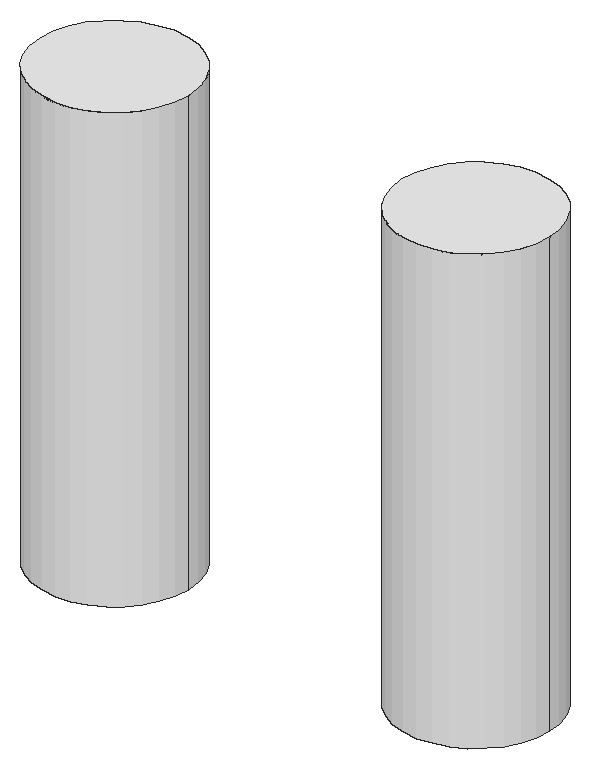
Revit family "64412210", category Plumbing Fixtures, Revit 2016
Family settings
  Part Type = Normal
  Round Connector Dimension = Use Diameter
  OmniClass Number = 23.45.55.00
  OmniClass Title = Sanitary Faucets, Wastes
  Work Plane-Based = No
  Always vertical = Yes
  Cut with Voids When Loaded = No
  Shared = No
  Room Calculation Point = No
Parameters (values of type "64412210 Washbasin faucet, 6 V")
  WorkingPressure = "100 - 1000 kPa"
  WarrantyStartDate [instance] = "n/a"
  WarrantyGuarantorParts = "n/a"
  WarrantyGuarantorLabor = "n/a"
  WarrantyDurationUnit = "Year"
  WarrantyDurationParts = "n/a"
  WarrantyDurationLabor = "n/a"
  WarrantyDescription = "http://warranty.hansa.com"
  VersionDate = "01/01/2019"  # constant formula
  Version = "2"  # constant formula
  ValvePattern = "n/a"
  ValveOperation = "n/a"
  ValveMechanism = "n/a"
  Usage Group = "Offices, personnel sanitary facilities; Toilets for the Disabled; Pharmacies, Opticians, Dentists; Health centers & Child welfare clinics; Hospitals;Food stores;Gas stations; Schools; Households"
  Uniclass2015Reference = "Pr_40_20_87_78"
  Uniclass2015Description = "Shower manual water supply sets"
  Uniclass2 = "Pr_40_30_96_78"
  URL WRAS = "http://static.hansa.com/WRAS/64412210"
  URL STF = "http://static.hansa.com/STF/64412210"
  URL SINTEF = "http://static.hansa.com/Sintef/64412210"
  URL ETA-Danmark = "http://static.hansa.com/ETADanmark/64412210"
  URL CSTB = "http://static.hansa.com/CSTB/64412210"
  URL ACS = "http://static.hansa.com/ACS/64412210"
  URL = ""
  TestPressure = "n/a"
  Temperature = "Temperature fixable; Temperature regulator"
  TagNumber [instance] = "n/a"
  SustainabilityPerformance = "n/a"
  Spout Type = "Fixed spout"
  Spare Parts = "http://static.hansa.com/sp/64412210"
  Size = "65x140x120.5 mm"
  Sintef Certificate = "Sintef Nr. 1534"
  Shape = "Sculptured"
  SerialNumber [instance] = "n/a"
  STF Certificate = "STF VTT-RTH-00031-11"
  Revision = "2"  # constant formula
  ReplacementCost = "n/a"
  Recognition Range = "Optimally preset"
  Protection Class = "IP 55"
  Projection = 96 mm
  ProductInformation = "n/a"
  Product URL = "http://static.hansa.com/64412210"
  Product Image URL = "http://static.hansa.com/image/64412210"
  Product Family = "Hansaelectra"
  Product Datasheet = "http://www.hansa.com/datasheet/64412210/en"
  Product Code = "64412210"
  Pressure Loss With Flow 01ls = 200000.0 Pa
  Pipes = "Flexible inlet pipe(s)"
  Package external Dimensions = "290 x 210 x 90"
  Package Weight = "1.693 kg"
  OperatingMechanismMaterial = "n/a"
  Operating Voltage = 6 V
  NominalWidth = 65 mm
  NominalHeight = 120.5 mm
  NominalDepth = 140 mm
  Noise Class = "I (ISO 3822)"
  Name_en = "64412210 Washbasin faucet, 6 V"
  Name = "64412210 Washbasin faucet, 6 V"
  NBSReference = "45-35-70/315"
  NBSDescription = "Water supply fittings for baths"
  Mounting Holes = "1 mounting hole"
  ModelReference = "64412210"
  ModelNumber = "n/a"
  Model = "64412210 Washbasin faucet, 6 V"
  Mechanical Parts = "Non-return valve(s); Litter filter(s)"
  Max. Hot Water Supply = 70 °C
  Max Flow Period = 120.0 s
  Material = "Brass"
  Market = "AUT;BEL;CZE;DEU;ESP;FRA;INT;ITA;NLD;SVK"
  ManufacturerName = "Hansa"
  Manufacturer = "Hansa"
  ManufacterURL = "http://www.hansa.com/"
  Long Marketing = "Adjustable mixed water temperature (fixed setting possible). Convertible for cold- and premixed-water. Fitting can be deactived for cleaning, with the added cover. Push-pop-up waste 59913988 can be ordered separately."
  Intelligent After Flow Period = "2 s ± 1 s"
  InstallationDate [instance] = "n/a"
  Installation and Maintenance = "http://static.hansa.com/manual/64412210"
  Installation Type = "Deck mounted"
  InletConnectionSize = 10 mm
  IfcExportType = "FAUCET"  # constant formula
  IfcExportAs = "IfcValveType"  # constant formula
  Health Sales Arguments = "Touch-free operation. Maximum comfort, maximum hygiene."
  Group = "Washbasin Faucets"
  Grade = "n/a"
  FlowCoefficient = 0
  Flow Rate At 300kPa With Flow Controller = 0.1 L/s
  Flow Drawing URL = "http://static.hansa.com/flowchart/64412210"
  Finish = "Polished"
  Features = "Battery-operated"
  FaucetMainMaterial = Brass
  FDV Document URL = "http://www.hansa.com/datasheet/64412210/en/fdv"
  Extensions = "No pop-up waste included"
  ExpectedLife = "n/a"
  Electronic Parts = "Autofocus sensor; Solenoid valve; Low battery indication"
  ETA-Danmark = "VA 1.42/18729"
  EN Standard = "EN 15091"
  EMC Directive = "89/336/EEC"
  EAN Number = "4015474273337"
  DurationUnit = "Year"
  Dimension Drawing URL = "http://static.hansa.com/dimdrw/64412210"
  Description = ""
  DefaultElevation [instance] = 900 mm
  DN Size = "DN15"
  Customs Code = "84818011"
  ConvergoRefNr = "0087-1710-0022-DE"
  Constituents = "n/a"
  Connection Size = "G3/8"
  Color = "Chrome"
  CodePerformance = "n/a"
  CloseOffRating = 0
  Class = "Battery-operated, touchless"
  Category = "Bathroom, public, health care"
  Catalog Drawing URL = "http://static.hansa.com/catdrw/64412210"
  Brand = "Hansa"
  BodyMaterial = "Brass"
  Battery = "Lithium 2CR5 6 V"
  Barcode [instance] = "n/a"
  Backflow Prevention EN1717 = "EB"
  BIMObjectName = "64412210"
  Author = "Convergo AB"  # constant formula
  AssetType = "Fixed"
  AssetIdentifier [instance] = "n/a"
  Approval WRAS = "1301013"
  Approval CSTB = "322-M1-17/1"
  Approval ACS = "15 ACC LY 337"
  Aerator = "Pressure controlled aerator; CASCADE"
  Advanced Features = "Vandal-proof construction; Convertible for cold and premixed-water; Without draw-rod opening"
  AccessibilityPerformance = "n/a"
  2D/3D/BIM Files URL = "http://static.hansa.com/bim/64412210"
Reference planes
  plane 1 "Center (Front/Back)": y = 0
  plane 2: z = 0
  plane 3 "Center (Left/Right)": x = 0
  plane 4: x = -27.75
  plane 5: x = 27.75
  plane 6: z = 1020.5
  plane 7: z = 900
  plane 8: z = 870
  plane 9: y = -140
  plane 10: x = 37.25
Forms (mm)
  Extrusion 1, solid, material "Brass" <- "FaucetMainMaterial"
    sketch origin (0, 0, 0) x (1, 0, 0) y (0, 1, 0)
      loop
        circle (-12.25, -27.5) r 5
      loop
        circle (12.25, -27.5) r 5
    from 870 to 900
  Extrusion 2, solid, material "Brass" <- "FaucetMainMaterial", detail levels medium
    sketch origin (0, 0, 0) x (0, 1, 0) y (0, 0, 1)
      loop
        line (0, 900) -> (-10.03, 977.548)
        arc (-10.03, 977.548) -> (-16.238, 993.039) -> (-27.956, 1004.922) r 42.287
        arc (-27.956, 1004.922) -> (-52.254, 1016.518) -> (-78.88, 1020.5) r 91.024
        line (-78.88, 1020.5) -> (-140, 1020.5) -> (-140, 996.089) -> (-84.669, 980.647)
        arc (-84.669, 980.647) -> (-69.824, 971.243) -> (-62.64, 955.205) r 30.472
        line (-62.64, 955.205) -> (-55.5, 900) -> (0, 900)
    from -27.75 to 27.75
  Extrusion 3, solid, material "Brass" <- "FaucetMainMaterial", detail levels medium
    sketch origin (0, 0, 0) x (1, 0, 0) y (0, 0, 1)
      loop
        line (37.25, 932.759) -> (27.75, 932.759) -> (27.75, 910.74) -> (37.25, 910.74) -> (37.25, 932.759)
    from 22.32 to 37.82
  Extrusion 4, solid, material "Brass" <- "FaucetMainMaterial", detail levels coarse
    sketch origin (0, 0, 0) x (1, 0, 0) y (0, 1, 0)
      loop
        line (-27.75, 0) -> (-27.75, -140) -> (37.25, -140) -> (37.25, 0) -> (-27.75, 0)
    from 900 to 1020.5
Lines and regions (mm)
  symbolic lines, detail levels fine
    curve 1: arc (-16.926, -128.653, 0) -> (0, -138.019, 0) -> (16.926, -128.653, 0) r 19.977
    curve 18: line (27.75, -36.32, 0) -> (27.75, -23.82, 0)
    curve 21: arc (27.47, -23.82, 0) -> (26.285, -30.07, 0) -> (27.47, -36.32, 0) r 17.073
    curve 23: line (35.624, -22.32, 0) -> (35.624, -37.82, 0)
    curve 24: line (27.75, -26.726, 0) -> (35.624, -26.726, 0)
    curve 25: line (35.624, -31.726, 0) -> (27.75, -31.726, 0)
    curve 36: line (35.64, 0, 910.74) -> (35.64, 0, 926.749)
    curve 37: line (35.64, 0, 926.749) -> (27.75, 0, 926.749)
    curve 43: line (27.75, 0, 910.74) -> (27.75, 0, 932.759)
    curve 44: circle (0, 0, 917.875) r 3.4 normal (0, -1, 0)
    curve 45: circle (0, 0, 935.58) r 3.4 normal (0, -1, 0)
    curve 46: line (-23.791, 0, 991.729) -> (-19.137, 0, 1002.693)
    curve 47: line (23.791, 0, 991.729) -> (19.137, 0, 1002.693)
    curve 48: arc (-19.137, 0, 1002.693) -> (0, 0, 1015.359) -> (19.137, 0, 1002.693) r 20.79
    curve 49: spline (0, 0, 985.125) -> (2.843, 0, 985.314) -> (5.492, 0, 985.869) -> (7.767, 0, 986.75) -> (9.513, 0, 987.899) -> (10.61, 0, 989.237) -> (10.984, 0, 990.672) -> (10.61, 0, 992.108) -> (9.513, 0, 993.446) -> (7.767, 0, 994.595) -> (5.492, 0, 995.476) -> (2.843, 0, 996.03) -> (0, 0, 996.219) -> (-2.843, 0, 996.03) -> (-5.492, 0, 995.476) -> (-7.767, 0, 994.595) -> (-9.513, 0, 993.446) -> (-10.61, 0, 992.108) -> (-10.984, 0, 990.672) -> (-10.61, 0, 989.237) -> (-9.513, 0, 987.899) -> (-7.767, 0, 986.75) -> (-5.492, 0, 985.869) -> (-2.843, 0, 985.314) -> (0, 0, 985.125)
    curve 50: line (-10.984, 0, 990.672) -> (-10.984, 0, 996.528)
    curve 51: line (10.984, 0, 990.672) -> (10.984, 0, 996.528)
    curve 52: spline (10.984, 0, 991.995) -> (11.987, 0, 993.769) -> (11.681, 0, 995.597) -> (10.099, 0, 997.278) -> (7.415, 0, 998.631) -> (3.922, 0, 999.506) -> (0, 0, 999.809) -> (-3.922, 0, 999.506) -> (-7.415, 0, 998.631) -> (-10.099, 0, 997.278) -> (-11.681, 0, 995.597) -> (-11.987, 0, 993.769) -> (-10.984, 0, 991.995)
    curve 53: spline (12.034, 0, 995.27) -> (11.624, 0, 996.706) -> (10.422, 0, 998.044) -> (8.51, 0, 999.193) -> (6.017, 0, 1000.074) -> (3.115, 0, 1000.628) -> (0, 0, 1000.817) -> (-3.115, 0, 1000.628) -> (-6.017, 0, 1000.074) -> (-8.51, 0, 999.193) -> (-10.422, 0, 998.044) -> (-11.624, 0, 996.706) -> (-12.034, 0, 995.27)
    curve 54: line (-12.034, 0, 995.27) -> (-12.034, 0, 994.262)
    curve 55: line (12.034, 0, 995.27) -> (12.034, 0, 994.262)
    curve 56: arc (-23.791, 0, 991.729) -> (0, 0, 974.637) -> (23.791, 0, 991.729) r 25.104
    curve 71: arc (0, -132.783, 1000.194) -> (0, -121.422, 995.826) -> (0, -111.898, 988.246) r 40.033
    curve 75: line (0, -57.079, 915.019) -> (0, -57.706, 920.986)
    curve 77: line (0, -58.91, 932.445) -> (0, -59.535, 938.39)
  symbolic lines, detail levels medium+fine
    curve 2: arc (-18.761, -123.953, 0) -> (-18.065, -126.389, 0) -> (-16.926, -128.653, 0) r 13.52
    curve 3: arc (-21.194, -108.058, 0) -> (-20.107, -116.026, 0) -> (-18.761, -123.953, 0) r 245.759
    curve 4: arc (-21.694, -99.299, 0) -> (-21.58, -103.687, 0) -> (-21.194, -108.058, 0) r 70.758
    curve 5: arc (-27.029, -39.573, 0) -> (-22.957, -69.311, 0) -> (-21.694, -99.299, 0) r 319.403
    curve 6: arc (-27.75, -27.75, 0) -> (-27.751, -33.684, 0) -> (-27.029, -39.573, 0) r 48.577
    curve 7: arc (18.761, -123.953, 0) -> (18.065, -126.389, 0) -> (16.926, -128.653, 0) r 13.52
    curve 8: arc (21.194, -108.058, 0) -> (20.107, -116.026, 0) -> (18.761, -123.953, 0) r 245.759
    curve 9: arc (21.694, -99.299, 0) -> (21.58, -103.687, 0) -> (21.194, -108.058, 0) r 70.758
    curve 10: arc (27.029, -39.573, 0) -> (22.957, -69.311, 0) -> (21.694, -99.299, 0) r 319.403
    curve 11: spline (-16.926, -128.653, 0) -> (-16.349, -131.59, 0) -> (-14.658, -134.326, 0) -> (-11.968, -136.676, 0) -> (-8.463, -138.48, 0) -> (-4.381, -139.613, 0) -> (0, -140, 0) -> (4.381, -139.613, 0) -> (8.463, -138.48, 0) -> (11.968, -136.676, 0) -> (14.658, -134.326, 0) -> (16.349, -131.59, 0) -> (16.926, -128.653, 0)
    curve 12: line (35.624, -22.32, 0) -> (27.75, -22.32, 0)
    curve 13: line (27.75, -22.32, 0) -> (27.75, -23.82, 0)
    curve 14: line (27.75, -23.82, 0) -> (27.47, -23.82, 0)
    curve 15: line (27.75, -36.32, 0) -> (27.75, -37.82, 0)
    curve 16: line (27.75, -37.82, 0) -> (35.624, -37.82, 0)
    curve 17: spline (35.624, -37.82, 0) -> (36.045, -37.556, 0) -> (36.437, -36.781, 0) -> (36.774, -35.55, 0) -> (37.032, -33.945, 0) -> (37.195, -32.076, 0) -> (37.25, -30.07, 0) -> (37.195, -28.064, 0) -> (37.032, -26.195, 0) -> (36.774, -24.59, 0) -> (36.437, -23.358, 0) -> (36.045, -22.584, 0) -> (35.624, -22.32, 0)
    curve 19: arc (27.47, -23.82, 0) -> (-1.97, -0.07, 0) -> (-27.75, -27.75, 0) r 27.75
    curve 20: arc (27.519, -36.32, 0) -> (27.302, -37.951, 0) -> (27.029, -39.573, 0) r 48.577
    curve 22: line (27.519, -36.32, 0) -> (27.75, -36.32, 0)
    curve 26: line (-27.75, 0, 900) -> (27.75, 0, 900)
    curve 27: line (27.75, 0, 900) -> (27.75, 0, 910.74)
    curve 28: arc (27.75, 0, 935) -> (26.759, 0, 963.434) -> (23.791, 0, 991.729) r 408.394
    curve 29: arc (23.791, 0, 991.729) -> (22.462, 0, 999.054) -> (20.551, 0, 1006.25) r 92.87
    curve 30: arc (20.551, 0, 1006.25) -> (12.735, 0, 1016.922) -> (0, 0, 1020.5) r 20.27
    curve 31: line (-27.75, 0, 900) -> (-27.75, 0, 935)
    curve 32: arc (-27.75, 0, 935) -> (-26.759, 0, 963.434) -> (-23.791, 0, 991.729) r 408.394
    curve 33: arc (-23.791, 0, 991.729) -> (-22.462, 0, 999.054) -> (-20.551, 0, 1006.25) r 92.87
    curve 34: arc (-20.551, 0, 1006.25) -> (-12.735, 0, 1016.922) -> (0, 0, 1020.5) r 20.27
    curve 35: line (27.75, 0, 910.74) -> (35.64, 0, 910.74)
    curve 38: spline (35.64, 0, 926.749) -> (36.057, 0, 926.476) -> (36.445, 0, 925.676) -> (36.779, 0, 924.404) -> (37.034, 0, 922.746) -> (37.195, 0, 920.816) -> (37.25, 0, 918.744) -> (37.195, 0, 916.672) -> (37.034, 0, 914.742) -> (36.779, 0, 913.084) -> (36.445, 0, 911.812) -> (36.057, 0, 911.012) -> (35.64, 0, 910.74)
    curve 39: line (35.64, 0, 926.749) -> (35.64, 0, 931.985)
    curve 40: arc (35.64, 0, 931.985) -> (35.414, 0, 932.532) -> (34.866, 0, 932.759) r 0.774
    curve 41: line (34.866, 0, 932.759) -> (27.75, 0, 932.759)
    curve 42: line (27.75, 0, 932.759) -> (27.75, 0, 935)
    curve 57: line (0, 0, 900) -> (0, -3.574, 951.11)
    curve 58: arc (0, -3.574, 951.11) -> (0, -6.639, 969.684) -> (0, -13.113, 987.361) r 100.551
    curve 59: arc (0, -13.113, 987.361) -> (0, -24.362, 1002.423) -> (0, -40.524, 1012.024) r 48.106
    curve 60: arc (0, -40.524, 1012.024) -> (0, -67.162, 1018.753) -> (0, -94.581, 1020.5) r 149.669
    curve 61: arc (0, -94.581, 1020.5) -> (0, -115.168, 1019.586) -> (0, -135.695, 1017.766) r 467.531
    curve 62: arc (0, -135.695, 1017.766) -> (0, -138.916, 1015.724) -> (0, -139.283, 1011.927) r 4.343
    curve 63: arc (0, -139.283, 1011.927) -> (0, -136.799, 1005.637) -> (0, -132.783, 1000.194) r 26.137
    curve 64: line (0, 0, 900) -> (0, -55.5, 900)
    curve 65: line (0, -55.5, 900) -> (0, -57.079, 915.019)
    curve 66: arc (0, -59.994, 942.753) -> (0, -71.64, 969.197) -> (0, -96.488, 983.945) r 47.339
    curve 67: line (0, -96.488, 983.945) -> (0, -111.898, 988.246)
    curve 68: line (0, -111.898, 988.246) -> (0, -113.917, 984.749)
    curve 69: line (0, -132.783, 1000.194) -> (0, -134.755, 996.779)
    curve 70: line (0, -134.755, 996.779) -> (0, -113.917, 984.749)
    curve 72: arc (0, -59.535, 938.39) -> (0, -60.073, 935.328) -> (0, -58.91, 932.445) r 5.654
    curve 73: arc (0, -57.706, 920.986) -> (0, -58.241, 917.913) -> (0, -57.079, 915.019) r 5.7
    curve 74: line (0, -57.706, 920.986) -> (0, -58.91, 932.445)
    curve 76: line (0, -59.535, 938.39) -> (0, -59.994, 942.753)
Dimensions and locks
  equal spacing: plane 4, plane 3 "Center (Left/Right)", plane 5
  "NominalHeight": plane 6 to plane 7
  "DefaultElevation": plane 7 to level
  locked: plane 7 to plane 8 at 30
  "NominalDepth": plane 9 to plane 1 "Center (Front/Back)"
  locked: plane 5 to plane 10 at 9.5
  "NominalWidth": plane 4 to plane 10
  "InletConnectionSize": diameter of Extrusion 1 sketch curve  (x2)
  aligned and locked: level to plane 2
  aligned and locked: plane 7 to Extrusion 1
  aligned and locked: Extrusion 1 to plane 8
  aligned and locked: import instance to plane 7
  aligned and locked: plane 6 to Extrusion 4
  aligned and locked: Extrusion 4 to plane 7
Automatic sketch dimensions
  curve 6 to plane 4 = 0 mm
  curve 19 to plane 3 "Center (Left/Right)" = 0 mm
  curve 1 to plane 3 "Center (Left/Right)" = 0 mm
  curve 16 to plane 5 = 0 mm
  curve 9 to plane 4 = 21.312 mm
  curve 8 to plane 9 = 61.155 mm
  curve 8 to curve 9 = 173.76 mm
  curve 5 to plane 9 = 42.272 mm
  curve 5 to curve 8 = 118.271 mm
  plane 4 to curve 20 = 7.015 mm
  curve 2 to plane 3 "Center (Left/Right)" = 5.47 mm
  plane 3 "Center (Left/Right)" to curve 7 = 5.47 mm
  curve 6 to plane 5 = 7.015 mm
  curve 14 to curve 13 = 0.28 mm
  curve 22 to plane 5 = 0.231 mm
  curve 12 to plane 10 = 1.626 mm
  plane 10 to curve 21 = 6.108 mm
  plane 10 to curve 4 = 11.812 mm
  curve 3 to plane 9 = 61.155 mm
  curve 4 to curve 3 = 173.76 mm
  curve 10 to plane 9 = 42.272 mm
  curve 3 to curve 10 = 118.271 mm
  curve 4 to plane 9 = 40.352 mm
  curve 9 to plane 9 = 40.352 mm
  curve 1 to plane 9 = 21.957 mm
  curve 7 to curve 1 = 3.429 mm
  plane 1 "Center (Front/Back)" to curve 23 = 37.82 mm
  curve 15 to curve 15 = 1.5 mm
  plane 1 "Center (Front/Back)" to curve 20 = 30.728 mm
  curve 20 to curve 6 = 5.591 mm
  curve 16 to curve 21 = 7.75 mm
  curve 20 to curve 19 = 2.978 mm
  curve 13 to curve 23 = 1.5 mm
  plane 4 to curve 5 = 0.721 mm
  curve 6 to curve 5 = 0 mm
  curve 4 to curve 5 = 0 mm
  curve 3 to curve 4 = 0 mm
  curve 2 to curve 3 = 0 mm
  curve 8 to curve 7 = 0 mm
  curve 9 to curve 8 = 0 mm
  curve 10 to curve 9 = 0 mm
  curve 21 to curve 20 = 0.048 mm
  curve 25 to curve 17 = 1.656 mm
  curve 24 to curve 13 = 2.906 mm
  curve 32 to plane 4 = 0 mm
  curve 56 to plane 3 "Center (Left/Right)" = 0 mm
  curve 34 to plane 3 "Center (Left/Right)" = 0 mm
  curve 49 to plane 3 "Center (Left/Right)" = 0 mm
  curve 45 to plane 3 "Center (Left/Right)" = 0 mm
  curve 48 to plane 3 "Center (Left/Right)" = 0 mm
  curve 53 to plane 3 "Center (Left/Right)" = 0 mm
  curve 44 to plane 3 "Center (Left/Right)" = 0 mm
  curve 26 to plane 7 = 0 mm
  curve 34 to plane 6 = 0 mm
  curve 29 to plane 4 = 40.429 mm
  plane 7 to curve 28 = 35 mm
  plane 4 to curve 46 = 3.959 mm
  plane 4 to curve 46 = 8.613 mm
  curve 48 to curve 54 = 7.102 mm
  curve 34 to plane 3 "Center (Left/Right)" = 1.184 mm
  plane 3 "Center (Left/Right)" to curve 30 = 1.184 mm
  curve 47 to plane 5 = 8.613 mm
  curve 47 to plane 5 = 3.959 mm
  curve 41 to plane 10 = 2.384 mm
  curve 37 to plane 10 = 1.61 mm
  plane 10 to curve 33 = 30.929 mm
  plane 7 to curve 32 = 35 mm
  curve 33 to curve 32 = 312.465 mm
  plane 7 to curve 43 = 10.74 mm
  plane 7 to curve 44 = 17.875 mm
  curve 37 to curve 28 = 8.251 mm
  curve 38 to curve 39 = 5.236 mm
  curve 44 to curve 45 = 17.705 mm
  curve 29 to curve 48 = 2.841 mm
  curve 48 to curve 54 = 0.7 mm
  curve 53 to curve 56 = 4.471 mm
  curve 56 to curve 30 = 0.524 mm
  curve 56 to curve 34 = 0.524 mm
  curve 46 to curve 33 = 3.557 mm
  curve 54 to curve 52 = 1.05 mm
  curve 49 to curve 48 = 9.444 mm
  curve 50 to curve 54 = 4.598 mm
  curve 49 to curve 48 = 3.897 mm
  curve 51 to curve 53 = 4.598 mm
  curve 51 to curve 52 = 1.323 mm
  curve 52 to curve 53 = 1.009 mm
  curve 55 to curve 52 = 0 mm
  curve 54 to curve 54 = 1.009 mm
  Extrusion 2 sketch curve to plane 6 = 0 mm
  Extrusion 2 sketch curve to plane 7 = 0 mm
  Extrusion 2 sketch curve to plane 1 "Center (Front/Back)" = 0 mm
  Extrusion 2 sketch curve to plane 9 = 47.14 mm
  Extrusion 2 sketch curve to Extrusion 2 sketch curve = 8.191 mm
  Extrusion 2 sketch curve to Extrusion 2 sketch curve = 13.979 mm
  Extrusion 2 sketch curve to Extrusion 2 sketch curve = 16.241 mm
  Extrusion 2 sketch curve to Extrusion 2 sketch curve = 23.38 mm
  Extrusion 2 sketch curve to Extrusion 2 sketch curve = 11.026 mm
  plane 1 "Center (Front/Back)" to Extrusion 2 sketch curve = 10.03 mm
  plane 7 to Extrusion 2 sketch curve = 29.476 mm
  Extrusion 2 sketch curve to Extrusion 2 sketch curve = 21.821 mm
  Extrusion 2 sketch curve to Extrusion 2 sketch curve = 25.729 mm
  Extrusion 2 sketch curve to Extrusion 2 sketch curve = 14.667 mm
  Extrusion 2 sketch curve to Extrusion 2 sketch curve = 27.374 mm
  Extrusion 2 sketch curve to plane 6 = 24.411 mm
  Extrusion 2 sketch curve to plane 9 = 0 mm
  Extrusion 3 sketch curve to plane 5 = 0 mm
  Extrusion 3 sketch curve to plane 10 = 0 mm
  plane 7 to Extrusion 3 sketch curve = 10.74 mm
  Extrusion 3 sketch curve to Extrusion 3 sketch curve = 22.019 mm
  Extrusion 4 sketch curve to plane 4 = 0 mm
  plane 9 to Extrusion 4 sketch curve = 0 mm
  Extrusion 4 sketch curve to plane 10 = 0 mm
  plane 1 "Center (Front/Back)" to Extrusion 4 sketch curve = 0 mm
  curve 43 to plane 5 = 0 mm
  curve 60 to plane 6 = 0 mm
  curve 64 to plane 7 = 0 mm
  curve 64 to plane 1 "Center (Front/Back)" = 0 mm
  plane 1 "Center (Front/Back)" to curve 57 = 3.574 mm
  plane 7 to curve 73 = 18.509 mm
  plane 1 "Center (Front/Back)" to curve 73 = 52.572 mm
  curve 72 to curve 73 = 1.877 mm
  curve 65 to curve 73 = 2.928 mm
  curve 59 to curve 72 = 2.088 mm
  curve 76 to curve 72 = 5.544 mm
  curve 61 to plane 9 = 55.851 mm
  plane 8 to curve 60 = 0.891 mm
  curve 60 to curve 64 = 34.847 mm
  curve 67 to plane 9 = 43.512 mm
  curve 58 to plane 9 = 36.12 mm
  curve 66 to curve 58 = 3.194 mm
  curve 68 to curve 67 = 15.41 mm
  curve 70 to curve 67 = 2.019 mm
  curve 63 to plane 6 = 2.197 mm
  curve 63 to plane 9 = 26.064 mm
  curve 69 to plane 9 = 7.217 mm
  curve 70 to curve 71 = 1.972 mm
  curve 62 to plane 9 = 4.784 mm
  plane 9 to curve 71 = 1.301 mm
  curve 61 to plane 8 = 316.914 mm
  curve 73 to curve 72 = 17.41 mm
  plane 7 to curve 66 = 37.805 mm
  curve 72 to curve 76 = 6.834 mm
  curve 66 to curve 58 = 6.291 mm
  plane 7 to curve 57 = 51.11 mm
  curve 58 to curve 71 = 16.982 mm
  curve 66 to curve 59 = 23.909 mm
  curve 66 to curve 70 = 0.804 mm
  curve 62 to plane 6 = 7.05 mm
  curve 59 to curve 58 = 0 mm
  curve 60 to curve 59 = 0 mm
  curve 73 to curve 73 = 4.507 mm
  curve 72 to curve 72 = 4.461 mm
  curve 62 to curve 61 = 0 mm
  plane 7 to curve 74 = 20.986 mm
  curve 74 to curve 73 = 5.134 mm
  plane 7 to curve 77 = 38.39 mm
  curve 66 to curve 76 = 0.459 mm
  Extrusion 1 sketch curve to plane 3 "Center (Left/Right)" = 12.25 mm
  plane 3 "Center (Left/Right)" to Extrusion 1 sketch curve = 12.25 mm
  plane 1 "Center (Front/Back)" to Extrusion 1 sketch curve = 27.5 mm
  Extrusion 1 sketch curve to Extrusion 1 sketch curve = 0 mm
  radius of curve 44 = 3.4 mm
  radius of curve 45 = 3.4 mm
Nested families
  nested 1: "Symbol" at (0, 0, 0), type "Symbol", detail levels coarse
Connectors
  piping at (-12.25, -27.5, 870), diameter 10, driven by "InletConnectionSize", driven by "Flow Rate At 300kPa With Flow Controller"
    settings: on Extrusion 1, index 1, connector inside diameter 609.6 mm, connector length 0 mm, flow factor 0, pipe flow 0.1 L/s, pressure drop 0.0 Pa, fitting loss kfactor 0, connector angle 0.00°, fixture units 0, engagement length 0 mm, angle of deflection 0.00°, flow configuration 1, flow direction 1, fitting loss method 0, system type 19, joint type 0, gender type 0, connector reference index -1, connector utility 0, adjustable connector no, is connector primary yes, connector description ""
  piping at (12.25, -27.5, 870), diameter 10, driven by "InletConnectionSize", driven by "Flow Rate At 300kPa With Flow Controller"
    settings: on Extrusion 1, index 2, connector inside diameter 609.6 mm, connector length 0 mm, flow factor 0, pipe flow 0.1 L/s, pressure drop 0.0 Pa, fitting loss kfactor 0, connector angle 0.00°, fixture units 0, engagement length 0 mm, angle of deflection 0.00°, flow configuration 1, flow direction 1, fitting loss method 0, system type 20, joint type 0, gender type 0, connector reference index -1, connector utility 0, adjustable connector no, is connector primary no, connector description ""
Definition of nested family "Symbol"
  Reference planes
    plane 1: y = 0
    plane 2: x = 0
  Lines and regions (mm)
    detail lines
      curve 1: line (0, 0, 0) -> (0, -1.8, 0)
      curve 2: line (-0.4, -1.1, 0) -> (0.4, -1.1, 0)
      curve 3: line (-0.4, -1.4, 0) -> (0.4, -1.4, 0)
      curve 4: line (0.863, 0, 0) -> (-0.863, 0, 0)
      curve 5: circle (-1.163, 0, 0) r 0.3 normal (0, 0, -1)
      curve 6: circle (1.163, 0, 0) r 0.3 normal (0, 0, 1)
